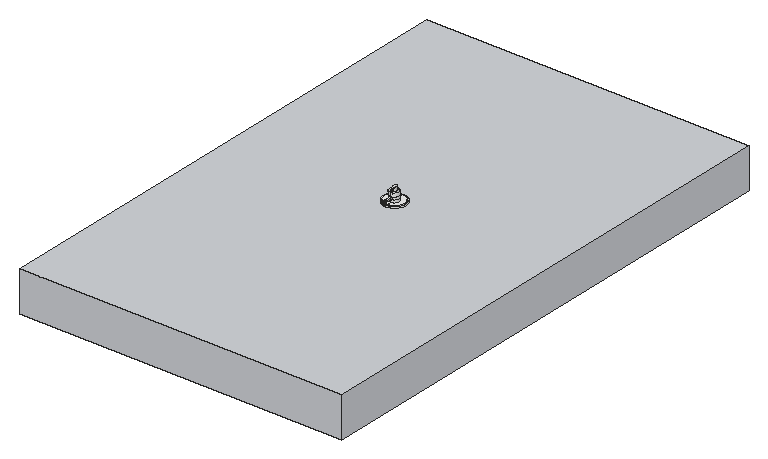
Revit family "Balance_Trim-GROHE-Atrio-19867_Series", category Plumbing Fixtures, host Face, Revit 2014
Parameters (values of type "19867000")
  Width = 6 11/16"  # constant formula
  Waste Connection = no
  Warranty Documentation Link = "https://cdn.cloud.grohe.com/tpi/1000/1900/1940/1949/1949006/original/1949006.pdf"
  WFU = 4  # constant formula
  Vent Connection = no
  URL = "https://www.grohe.us/"
  Type Comments = ""
  Tempered Connection Radius = Tempered Connection Diameter / 2  # 1/4"
  Tempered Connection Diameter = Hot Water Connection Diameter  # 1/2"
  Shipping Weight = 4.074 lbf
  Product Page URL = "https://www.grohe.us/en_us/atrio-jota-dual-function-pressure-balance-trim-with-control-module-19867000.html"
  Price = "Prices may vary. Please consult Manufacturer Representative for most up-to-date price list."  # constant formula
  Model = "19867000"
  Material = "Metal-Grohe-000-Chrome"
  Manufacturer = "Grohe"
  Length = 4 7/16"  # constant formula
  Installation Type = "Wall Mounted"
  Hot Water Connection Radius = Hot Water Connection Diameter / 2  # 1/4"
  Hot Water Connection Diameter = Cold Water Connection Diameter  # 1/2"
  Height = 40"
  HWFU = 3  # constant formula
  HW Connection = yes
  Flow Rate = "5.3 gpm at 45 psi (bottom outlet), 2.9 gpm at 45 psi (top outlet)"  # constant formula
  Finish = Metal-Grohe-000-Chrome
  Description = "Atrio Dual function pressure balance trim with control module"  # constant formula
  Default Elevation = 44"  # constant formula
  Creation Date = "06/26/2017"  # constant formula
  Cold Water Connection Radius = 1/4"  # constant formula
  Cold Water Connection Diameter = Cold Water Connection Radius * 2  # 1/2"
  CWFU = 3  # constant formula
  CW Connection = yes
  Assembly Code = "D2010710"
  ADA Compliant = yes
Types (2): name | Shipping Weight | Product Page URL | Model | Material | Finish
  19867000 | 4.074 lbf | "https://www.grohe.us/en_us/atrio-jota-dual-function-pressure-balance-trim-with-control-module-19867000.html" | "19867000" | "Metal-Grohe-000-Chrome" | Metal-Grohe-000-Chrome
  19867EN0 | 4.085 lbf | "https://www.grohe.us/en_us/atrio-jota-dual-function-pressure-balance-trim-with-control-module-19867EN0.html" | "19867EN0" | "Metal-Grohe-EN0-Brushed Nickel" | Metal-Grohe-EN0-Brushed Nickel
Reference planes (in)
  plane 1 "Center (Front/Back)": y = 0
  plane 2: z = 0
  plane 3 "Center (Left/Right)": x = 0
  plane 4: y = 40
  plane 5: y = -18
  plane 6: y = -39
  plane 7: x = -1.21875
  plane 8: x = 1.21875
  plane 9: x = -3.34375
  plane 10: x = 3.34375
  plane 11: z = 0.375
  plane 12: z = 4
  plane 13: z = 3.99123
  plane 14: z = 3.52232
  plane 15: y = 3.34375
  plane 16: y = -3.34375
Forms (in)
  Extrusion 1, solid
    sketch origin (0, 0, 0) x (1, 0, 0) y (0, 1, 0)
      loop
        line (-48, 72) -> (-48, -79.70833) -> (48, -79.70833) -> (48, 72) -> (-48, 72)
    from 0 to -12
  Revolve 2, solid, material "Metal-Grohe-000-Chrome" <- "Finish"
    sketch origin (0, 0, 0) x (0, 1, 0) y (0, 0, 1)
      loop
        line (3.34375, 0) -> (3.34375, 0.26562) -> (2.95653, 0.26562) -> (2.95653, 0.375) -> (1.29066, 0.375) -> (1.29066, 1.08931) -> (1.24328, 1.08931) -> (1.24328, 1.17804) -> (1.29066, 1.17804) -> (1.29066, 1.8231) -> (1.24328, 1.8231) -> (1.24328, 1.91183) -> (1.29066, 1.91183) -> (1.29066, 2.7673) -> (0.99379, 2.7673) -> (0.99379, 3.08144) -> (0.46153, 3.08144) -> (0.46153, 3.90295) -> (0, 3.90295) -> (0, 0) -> (3.34375, 0)
      axis (0, 3.90295) -> (0, 0)
    angle from 0 to 360
  Extrusion 3, solid, material "Metal-Grohe-000-Chrome" <- "Finish"
    sketch origin (0, 0, 0.10937) x (1, 0, 0) y (0, 0, 1)
      loop
        circle (0, 3.7467) r 0.24453
    from -0.65985 to 2.31873
  Extrusion 4, solid, material "Metal-Grohe-000-Chrome" <- "Finish"
    sketch origin (0, 0, -2.25993) x (1, 0, 0) y (0, 0, 1)
      loop
        circle (0, 3.7467) r 0.24453
    from 0 to 3.34375
  Extrusion 5, solid, material "Metal-Grohe-000-Chrome" <- "Finish"
    sketch origin (0, 0, 0) x (1, 0, 0) y (0, 1, 0)
      loop
        circle (-0.54484, 0) r 0.25
      loop
        circle (0.54484, 0) r 0.25
    from 0 to 0.0625
Cuts and joins
  joined: Revolve 2, Extrusion 3, Extrusion 4, Extrusion 5
Lines and regions (in)
  Masking region 1
    outline origin (0, 0, 0) x (1, 0, 0) y (0, 0, 1)
      loop
        line (0.46153, 3.90295) -> (0.23641, 3.90295)
        arc (0.23641, 3.90295) -> (0, 4.08498) -> (-0.23641, 3.90295) r 0.24453
        line (-0.23641, 3.90295) -> (-0.46153, 3.90295) -> (-0.46153, 3.08144) -> (-0.99379, 3.08144) -> (-0.99379, 2.7673) -> (-1.29066, 2.7673) -> (-1.29066, 1.91183) -> (-1.24328, 1.91183) -> (-1.24328, 1.8231) -> (-1.29066, 1.8231) -> (-1.29066, 1.17804) -> (-1.24328, 1.17804) -> (-1.24328, 1.08931) -> (-1.29066, 1.08931) -> (-1.29066, 0.375) -> (-2.95653, 0.375) -> (-2.95653, 0.26562) -> (-3.34375, 0.26562) -> (-3.34375, 0) -> (3.34375, 0) -> (3.34375, 0.26562) -> (2.95653, 0.26562) -> (2.95653, 0.375) -> (1.29066, 0.375) -> (1.29066, 1.08931) -> (1.24328, 1.08931) -> (1.24328, 1.17804) -> (1.29066, 1.17804) -> (1.29066, 1.8231) -> (1.24328, 1.8231) -> (1.24328, 1.91183) -> (1.29066, 1.91183) -> (1.29066, 2.7673) -> (0.99379, 2.7673) -> (0.99379, 3.08144) -> (0.46153, 3.08144) -> (0.46153, 3.90295)
  symbolic lines, detail levels medium+fine
    curve 1: line (1.29066, 0, 0.375) -> (-1.29066, 0, 0.375)
    curve 7: line (0.46153, 0, 3.08144) -> (-0.46153, 0, 3.08144)
    curve 8: line (0.23641, 0, 3.90295) -> (-0.23641, 0, 3.90295)
  symbolic lines, detail levels fine
    curve 2: line (2.95653, 0, 0.26562) -> (-2.95653, 0, 0.26562)
    curve 3: line (1.24328, 0, 1.91183) -> (-1.24328, 0, 1.91183)
    curve 4: line (1.24328, 0, 1.8231) -> (-1.24328, 0, 1.8231)
    curve 5: line (1.24328, 0, 1.17804) -> (-1.24328, 0, 1.17804)
    curve 6: line (1.24328, 0, 1.08931) -> (-1.24328, 0, 1.08931)
    curve 9: line (0.99379, 0, 2.7673) -> (-0.99379, 0, 2.7673)
Dimensions and locks (in)
  plane 1 "Center (Front/Back)" to plane 5 = 18"
  plane 5 to plane 6 = 21"
  plane 1 "Center (Front/Back)" to plane 4 = 40"
  plane 11 to level = 3/8"
  plane 12 to level = 4"
  plane 15 to plane 1 "Center (Front/Back)" = 3 11/32"
  "Hot Water Connection Diameter": diameter of Extrusion 5 sketch curve
  "Cold Water Connection Diameter": diameter of Extrusion 5 sketch curve
  aligned and locked: plane 2 to Extrusion 1
  aligned and locked: level to Extrusion 1
Automatic sketch dimensions
  plane 9 to curve 2 = 0.38722"
  level to curve 2 = 17/64"
  curve 1 to plane 7 = 0.07191"
  curve 6 to plane 7 = 0.02453"
  curve 4 to plane 7 = 0.02453"
  curve 3 to plane 7 = 0.02453"
  curve 5 to plane 7 = 0.02453"
  plane 7 to curve 9 = 0.22496"
  curve 7 to plane 3 "Center (Left/Right)" = 0.46153"
  curve 8 to plane 13 = 0.08828"
  curve 8 to plane 3 "Center (Left/Right)" = 0.23641"
  plane 3 "Center (Left/Right)" to curve 8 = 0.23641"
  plane 3 "Center (Left/Right)" to curve 7 = 0.46153"
  plane 8 to curve 9 = 0.22496"
  curve 3 to plane 8 = 0.02453"
  curve 5 to plane 8 = 0.02453"
  curve 4 to plane 8 = 0.02453"
  curve 6 to plane 8 = 0.02453"
  curve 1 to plane 8 = 0.07191"
  plane 10 to curve 2 = 0.38722"
  level to curve 1 = 3/8"
  curve 1 to curve 6 = 0.71431"
  curve 6 to curve 5 = 0.08873"
  curve 5 to curve 4 = 0.64506"
  curve 4 to curve 3 = 0.08873"
  plane 14 to curve 9 = 0.75502"
  plane 14 to curve 7 = 0.44088"
  Extrusion 1 sketch curve to Extrusion 1 sketch curve = 96"
  Extrusion 1 sketch curve to Extrusion 1 sketch curve = 151.70833"
  Revolve 2 sketch curve to plane 1 "Center (Front/Back)" = 0"  (x2)
  Revolve 2 sketch curve to level = 0"
  Revolve 2 sketch curve to plane 11 = 0"
  Revolve 2 sketch curve to plane 15 = 0"
  Revolve 2 sketch curve to plane 1 "Center (Front/Back)" = 0.46153"
  Revolve 2 sketch curve to Revolve 2 sketch curve = 0.53225"
  Revolve 2 sketch curve to plane 1 "Center (Front/Back)" = 1.24328"
  Revolve 2 sketch curve to Revolve 2 sketch curve = 0"
  Revolve 2 sketch curve to Revolve 2 sketch curve = 0.04738"  (x2)
  Revolve 2 sketch curve to Revolve 2 sketch curve = 19/64"
  plane 15 to Revolve 2 sketch curve = 0.38722"
  Revolve 2 sketch curve to Revolve 2 sketch curve = 7/64"
  plane 11 to Revolve 2 sketch curve = 0.71431"
  Revolve 2 sketch curve to Revolve 2 sketch curve = 0.08873"  (x2)
  Revolve 2 sketch curve to Revolve 2 sketch curve = 0.64506"
  plane 14 to Revolve 2 sketch curve = 0.75502"
  plane 14 to Revolve 2 sketch curve = 0.44088"
  Revolve 2 sketch curve to plane 13 = 0.08828"
  plane 12 to Revolve 2 sketch curve = 1.99585"
  Revolve 2 sketch curve to Revolve 2 sketch curve = 0.35576"
  Extrusion 3 sketch curve to plane 3 "Center (Left/Right)" = 0"
  Extrusion 3 sketch curve to plane 13 = 0.13516"
  Masking region 1 sketch curve to plane 9 = 0"
  Masking region 1 sketch curve to plane 3 "Center (Left/Right)" = 0"
  Masking region 1 sketch curve to level = 0"
  plane 10 to Masking region 1 sketch curve = 0"
  Masking region 1 sketch curve to Masking region 1 sketch curve = 0.38722"
  Masking region 1 sketch curve to plane 7 = 0.07191"  (x3)
  Masking region 1 sketch curve to plane 7 = 0.02453"  (x2)
  plane 7 to Masking region 1 sketch curve = 0.22496"
  Masking region 1 sketch curve to plane 3 "Center (Left/Right)" = 0.46153"
  Masking region 1 sketch curve to plane 13 = 0.08828"  (x2)
  Masking region 1 sketch curve to Masking region 1 sketch curve = 0.22512"
  plane 3 "Center (Left/Right)" to Masking region 1 sketch curve = 0.46153"
  plane 8 to Masking region 1 sketch curve = 0.22496"
  Masking region 1 sketch curve to plane 8 = 0.02453"  (x2)
  Masking region 1 sketch curve to Masking region 1 sketch curve = 0.04738"  (x3)
  plane 10 to Masking region 1 sketch curve = 0.38722"
  Masking region 1 sketch curve to Masking region 1 sketch curve = 17/64"
  level to Masking region 1 sketch curve = 17/64"
  Masking region 1 sketch curve to Masking region 1 sketch curve = 7/64"
  level to Masking region 1 sketch curve = 3/8"
  Masking region 1 sketch curve to Masking region 1 sketch curve = 0.71431"  (x2)
  Masking region 1 sketch curve to Masking region 1 sketch curve = 0.08873"  (x4)
  Masking region 1 sketch curve to Masking region 1 sketch curve = 0.64506"  (x2)
  plane 14 to Masking region 1 sketch curve = 0.75502"  (x2)
  plane 14 to Masking region 1 sketch curve = 0.44088"
  Masking region 1 sketch curve to Masking region 1 sketch curve = 0.31414"
  Masking region 1 sketch curve to plane 13 = 0.15078"
  Extrusion 4 sketch curve to plane 3 "Center (Left/Right)" = 0"
  level to Extrusion 4 sketch curve = 1.48677"
  plane 1 "Center (Front/Back)" to Extrusion 5 sketch curve = 0"  (x2)
  Extrusion 5 sketch curve to plane 3 "Center (Left/Right)" = 0.54484"
  plane 3 "Center (Left/Right)" to Extrusion 5 sketch curve = 0.54484"
  radius of Extrusion 3 sketch curve = 0.24453"
  radius of Extrusion 4 sketch curve = 0.24453"
Connectors (in)
  piping at (-0.54484, 0, 0), diameter 0.5, driven by "Hot Water Connection Diameter"
    settings: on Extrusion 5, index 1, connector inside diameter 24", connector length 0", flow factor 0, pipe flow 0 GPM, pressure drop 0.00 psi, fitting loss kfactor 0, connector angle 0.00°, fixture units 0, engagement length 0", angle of deflection 0.00°, flow configuration 3, flow direction 1, fitting loss method 0, system type 19, joint type 0, gender type 0, connector reference index -1, connector utility 0, adjustable connector no, is connector primary yes, connector description "1/2\" NPT HW Inlet"
  piping at (0.54484, 0, 0), diameter 0.5, driven by "Cold Water Connection Diameter"
    settings: on Extrusion 5, index 2, connector inside diameter 24", connector length 0", flow factor 0, pipe flow 0 GPM, pressure drop 0.00 psi, fitting loss kfactor 0, connector angle 0.00°, fixture units 0, engagement length 0", angle of deflection 0.00°, flow configuration 3, flow direction 1, fitting loss method 0, system type 20, joint type 0, gender type 0, connector reference index -1, connector utility 0, adjustable connector no, is connector primary no, connector description "1/2\" NPT CW Inlet"
